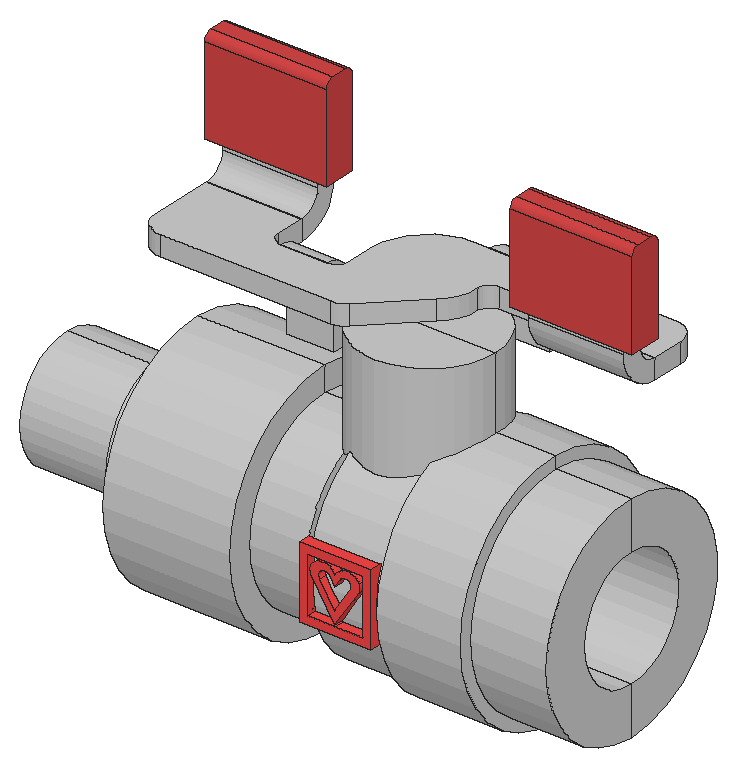
Revit family "HERZ Ball valve with T-handle (sheet steel) 2211", category Rohrzubehör, Revit 2019
Family settings
  Bemaßung runder Anschluss = Durchmesser verwenden
  Teiletyp = Unterbricht
  OmniClass-Nummer = 23.65.55.14
  OmniClass-Titel = Valves for Liquid Services
  Arbeitsebenenbasiert = Nein
  Immer vertikal = Ja
  Beim Laden mit Abzugskörper schneiden = Nein
  Gemeinsam genutzt = Nein
Parameters
  Weight [instance] = if(Nennweite = 15.000 mm, 0.23, if(Nennweite = 20.000 mm, 0.382, if(Nennweite = 25.000 mm, 0.669, if(Nennweite = 32.000 mm, 1.022, 0))))  # 0.23
  Spindle seals = "PTFE"  # constant formula
  Spindle = "machined brass according to EN 12164, CW614N"  # constant formula
  Part number [instance] = size_lookup("2211_3X_", "Artnr", 0, Nennweite)  # 1221131
  Min. operating temperature (water) = 0.5 °C  # constant formula
  Min. operating temperature = -30 °C  # constant formula
  Medium = "Heating water quality according to ÖNORM H5195 or VDI-Standard 2035.\r\nThe use of ethylene or propylene glycol in a mixing ratio 25- 50% is allowed."
  Max. operating temperature (water - no steam) = 110 °C  # constant formula
  Max. operating pressure (screw connection) = 1600000.0 Pa  # constant formula
  W01 = 135.00°  # constant formula
  VRL02 [instance] = size_lookup("2211_3X_", "VRL2", 1.000 mm, Nennweite)  # 16.500 mm
  VRL01 [instance] = size_lookup("2211_3X_", "VRL1", 1.000 mm, Nennweite)  # 16.000 mm
  VRD02 [instance] = size_lookup("2211_3X_", "VRD2", 1.000 mm, Nennweite)  # 15.000 mm
  VRD01 [instance] = size_lookup("2211_3X_", "VRD1", 1.000 mm, Nennweite)  # 10.500 mm
  URL = "www.herzvalves.com"
  SCRNSEQ = "ARM;ARM_TYP=\"ABVS\";2"
  SCRNCODE = "05;10;02"  # constant formula
  S04 [instance] = L07 + VRL01 + VRL02  # 45.600 mm
  S03 = 10.000 mm  # constant formula
  S02 [instance] = 2 * D01  # 19.050 mm
  S01 [instance] = L01 + L02 + L06  # 47.100 mm
  R01 [instance] = size_lookup("2211_3X_", "R1", 1.000 mm, Nennweite)  # 8.500 mm
  Nennweite [instance] = 15.000 mm
  Max. operating temperature = 150 °C  # constant formula
  Max. operating pressure = 2500000.0 Pa  # constant formula
  L07 [instance] = L01 - L03  # 13.100 mm
  L06 [instance] = size_lookup("2211_3X_", "L6", 1.000 mm, Nennweite)  # 9.600 mm
  L05 [instance] = size_lookup("2211_3X_", "L5", 1.000 mm, Nennweite)  # 19.900 mm
  L04 [instance] = size_lookup("2211_3X_", "L4", 1.000 mm, Nennweite)  # 10.500 mm
  L03 [instance] = size_lookup("2211_3X_", "L3", 1.000 mm, Nennweite)  # 8.400 mm
  L02 [instance] = size_lookup("2211_3X_", "L2", 1.000 mm, Nennweite)  # 16.000 mm
  L01 [instance] = size_lookup("2211_3X_", "L1", 1.000 mm, Nennweite)  # 21.500 mm
  Internal threaded connectors = "according to ISO 228-1"  # constant formula
  IG [instance] = Nennweite / 2  # 7.500 mm
  Hersteller = "HERZ Armaturen Ges.m.b.H"  # constant formula
  Handle = "T-handle, red, sheet steel - plated"  # constant formula
  H01 [instance] = size_lookup("2211_3X_", "H1", 1.000 mm, Nennweite)  # 24.000 mm
  GT1 [instance] = size_lookup("2211_3X_", "GT1", 1.000 mm, Nennweite)  # 10.000 mm
  GT [instance] = size_lookup("2211_3X_", "GT", 1.000 mm, Nennweite)  # 13.200 mm
  Seals (screw connection) DN32-DN50 = "KLINGER (flat sealing)"  # constant formula
  Seals (screw connection) DN15-DN25 = "EPDM (O-Ring)"  # constant formula
  Field of application = "HERZ ball valves have to be used as shut off elements.\r\nField of application are building services, such as heating or chilled water plants.\r\nBall valves are used wherever the medium flow has to be reliably closed.\r\nBall valve should not be used as regulating element so it has to be fully opened or fully closed (the handle should not be in intermediate position)."
  DN25-DN32 [instance] = if(Nennweite = 25.000 mm, 38.000 mm, 43.000 mm)  # 43.000 mm
  DN25+DN32 [instance] = or(Nennweite = 25.000 mm, Nennweite = 32.000 mm)  # no
  DN15-DN20 [instance] = if(Nennweite = 15.000 mm, 28.000 mm, 31.000 mm)  # 28.000 mm
  DN15+DN20 [instance] = or(Nennweite = 15.000 mm, Nennweite = 20.000 mm)  # yes
  D05 [instance] = size_lookup("2211_3X_", "D5", 1.000 mm, Nennweite)  # 13.500 mm
  D04 [instance] = size_lookup("2211_3X_", "D4", 1.000 mm, Nennweite)  # 14.000 mm
  D03 [instance] = size_lookup("2211_3X_", "D3", 1.000 mm, Nennweite)  # 15.000 mm
  D02 [instance] = size_lookup("2211_3X_", "D2", 1.000 mm, Nennweite)  # 12.000 mm
  D01 [instance] = size_lookup("2211_3X_", "D1", 1.000 mm, Nennweite)  # 9.525 mm
  Body = "forged brass according to EN 12165, nickel plated, CW617N"  # constant formula
  External threaded connectors = "according to ISO 7-1"  # constant formula
  Ball seals = "PTFE"  # constant formula
  Ball = "forged brass according to EN 12165, hollow, full bore, hard chrome plated, CW617N"  # constant formula
  Application = "HERZ ball valve MODUL is designed for building services such as heating and chilled water plants.\r\nThe operating conditions (temperature, pressure) should be constant."
  AG [instance] = Nennweite / 2  # 7.500 mm
Reference planes
  plane 1 "Mitte (Vorne/hinten)": y = 0
  plane 2: z = 0
  plane 3 "Mitte (Links/rechts)": x = 0
Forms (mm)
  Revolve 1, solid, material "Messing, vernickelt", detail levels fine
    sketch origin (0, 0, 0) x (1, 0, 0) y (0, 0, 1)
      loop
        line (16, 13.5) -> (16, 15) -> (5.5, 15) -> (5.5, 14) -> (-3.9, 14) -> (-5.9, 12) -> (-13.1, 12) -> (-13.1, 9.525) -> (-21.5, 9.525) -> (-21.5, 0) -> (15.6, 0) -> (15.6, 7.5) -> (25.6, 7.5) -> (25.6, 13.5) -> (16, 13.5)
      axis (-21.5, 0) -> (25.6, 0)
    angle from 0 to 360
  Revolve 2, solid, material "Messing, vernickelt", detail levels fine
    sketch origin (0, 0, 0) x (1, 0, 0) y (0, 0, 1)
      loop
        line (0, 0) -> (5.522, 0) -> (5.522, 8.202) -> (8.5, 8.202) -> (8.5, 24) -> (0, 24) -> (0, 0)
      axis (0, 24) -> (0, 0)
    angle from 0 to 360
  Revolve 3, solid, material "Messing, vernickelt", detail levels fine
    sketch origin (0, 0, 0) x (1, 0, 0) y (0, 0, 1)
      loop
        line (-13.1, 9.525) -> (-13.1, 15) -> (-29.1, 15) -> (-29.1, 10.5) -> (-32.4, 10.5) -> (-32.4, 7.5) -> (-45.6, 7.5) -> (-45.6, 0) -> (-21.5, 0) -> (-21.5, 9.525) -> (-13.1, 9.525)
      axis (-45.6, 0) -> (-13.1, 0)
    angle from 0 to 360
Lines and regions (mm)
  model lines, detail levels coarse+medium
    curve 1: line (-23.55, 9.525, 0) -> (-23.55, -9.525, 0)
    curve 2: line (-23.55, -9.525, 0) -> (23.55, 9.525, 0)
    curve 3: line (23.55, 9.525, 0) -> (23.55, -9.525, 0)
    curve 4: line (23.55, -9.525, 0) -> (-23.55, 9.525, 0)
    curve 5: circle (0, 0, 0) r 9.525 normal (0, 0, 1)
    curve 6: line (-23.55, 0, 9.525) -> (-23.55, 0, -9.525)
    curve 7: line (-23.55, 0, -9.525) -> (23.55, 0, 9.525)
    curve 8: line (23.55, 0, 9.525) -> (23.55, 0, -9.525)
    curve 9: line (23.55, 0, -9.525) -> (-23.55, 0, 9.525)
    curve 10: circle (0, 0, 0) r 9.525 normal (0, -1, 0)
    curve 11: line (-23.55, 0, 9.525) -> (-33.55, 0, 9.525)
    curve 12: line (-33.55, 0, 9.525) -> (-23.55, 0, 0)
    curve 13: line (-23.55, 0, -9.525) -> (-33.55, 0, -9.525)
    curve 14: line (-33.55, 0, -9.525) -> (-23.55, 0, 0)
    curve 15: line (-23.55, 0, 0) -> (-45.6, 0, 0)
    curve 16: line (-23.55, 9.525, 0) -> (-33.55, 9.525, 0)
    curve 17: line (-33.55, 9.525, 0) -> (-23.55, 0, 0)
    curve 18: line (-23.55, -9.525, 0) -> (-33.55, -9.525, 0)
    curve 19: line (-33.55, -9.525, 0) -> (-23.55, 0, 0)
    curve 20: line (-23.55, 0, 0) -> (-45.6, 0, 0)
Dimensions and locks
  "L01": Revolve 1 sketch curve to plane 3 "Mitte (Links/rechts)"
  "L02": Revolve 1 sketch curve to plane 3 "Mitte (Links/rechts)"
  "D01": Revolve 1 sketch curve to plane 2
  "D02": Revolve 1 sketch curve to plane 2
  "L03": Revolve 1 sketch curve to Revolve 1 sketch curve
  "R01": Revolve 2 sketch curve to plane 3 "Mitte (Links/rechts)"
  "H01": Revolve 2 sketch curve to plane 2
  "D03": Revolve 1 sketch curve to plane 2
  "D04": Revolve 1 sketch curve to plane 2
  "L04": Revolve 1 sketch curve to Revolve 1 sketch curve
  "L05": Revolve 1 sketch curve to Revolve 1 sketch curve
  "IG": Revolve 1 sketch curve to Revolve 1 sketch curve
  "GT1": Revolve 1 sketch curve to Revolve 1 sketch curve
  "L06": Revolve 1 sketch curve to Revolve 1 sketch curve
  "D05": Revolve 1 sketch curve to Revolve 1 sketch curve
  "D04": nested 1 to plane 1 "Mitte (Vorne/hinten)"
  equal spacing: curve 2, plane 1 "Mitte (Vorne/hinten)", curve 4
  equal spacing: curve 4, plane 1 "Mitte (Vorne/hinten)", curve 3
  "S02": curve 4 to curve 2
  "S02": curve 3 to curve 4
  equal spacing: curve 1, plane 3 "Mitte (Links/rechts)", curve 3
  "S01": curve 1 to curve 3
  "S02": curve 9 to curve 7
  equal spacing: curve 9, plane 2, curve 7
  equal spacing: curve 8, plane 2, curve 9
  "S02": curve 8 to curve 9
  "S01": curve 6 to curve 8
  equal spacing: curve 6, plane 3 "Mitte (Links/rechts)", curve 8
  "AG": Revolve 3 sketch curve to plane 2
  "D01": Revolve 3 sketch curve to Revolve 3 sketch curve
  "L03": Revolve 3 sketch curve to Revolve 3 sketch curve
  "L07": plane 3 "Mitte (Links/rechts)" to Revolve 3 sketch curve
  "VRL01": Revolve 3 sketch curve to Revolve 3 sketch curve
  "VRL02": Revolve 3 sketch curve to Revolve 3 sketch curve
  "GT": Revolve 3 sketch curve to Revolve 3 sketch curve
  "VRD01": Revolve 3 sketch curve to level
  "VRD02": Revolve 3 sketch curve to Revolve 3 sketch curve
  "S04": plane 3 "Mitte (Links/rechts)" to curve 15
  "S03": curve 12 to curve 6
  "S03": curve 17 to curve 1
  "S04": curve 20 to plane 3 "Mitte (Links/rechts)"
  "DN15-DN20": nested 2 to plane 2
  "DN25-DN32": nested 3 to plane 2
  "S02": diameter of curve 5
  "S02": diameter of curve 10
  "W01": angle Revolve 1 sketch curve to Revolve 1 sketch curve
  aligned and locked: level to plane 2
Automatic sketch dimensions
  curve 10 to level = 0.000 mm
  curve 10 to plane 3 "Mitte (Links/rechts)" = 0.000 mm
  curve 15 to level = 0.000 mm
  curve 12 to level = 0.000 mm
  curve 13 to curve 6 = 10.000 mm
  plane 1 "Mitte (Vorne/hinten)" to curve 5 = 0.000 mm
  curve 5 to plane 3 "Mitte (Links/rechts)" = 0.000 mm
  plane 1 "Mitte (Vorne/hinten)" to curve 20 = 0.000 mm
  plane 1 "Mitte (Vorne/hinten)" to curve 19 = 0.000 mm
  curve 18 to curve 1 = 10.000 mm
  Revolve 1 sketch curve to level = 0.000 mm  (x2)
  Revolve 1 sketch curve to Revolve 1 sketch curve = 1481.630 mm
  Revolve 1 sketch curve to Revolve 1 sketch curve = 1814.648 mm
  Revolve 2 sketch curve to level = 0.000 mm
  Revolve 2 sketch curve to plane 3 "Mitte (Links/rechts)" = 0.000 mm  (x2)
  plane 3 "Mitte (Links/rechts)" to Revolve 2 sketch curve = 5.522 mm
  level to Revolve 2 sketch curve = 8.202 mm
  Revolve 2 sketch curve to Revolve 2 sketch curve = 366.045 mm
  Revolve 2 sketch curve to Revolve 2 sketch curve = 2190.315 mm
  Revolve 3 sketch curve to level = 0.000 mm  (x2)
  Revolve 3 sketch curve to Revolve 3 sketch curve = 1461.804 mm
  plane 3 "Mitte (Links/rechts)" to Revolve 3 sketch curve = 1839.148 mm
Nested families
  nested 1: "Herz-Logo-vorne" at (0, -14, 0) x (0, 1, 0) z (0, 0, 1), type "Herz-Logo-vorne", detail levels fine
  nested 2: "Knebelgriff (Blech) DN15-DN20" at (0, 0, 28), visible <- "DN15+DN20", type "Knebelgriff (Blech) DN15-DN20"
  nested 3: "Knebelgriff (Blech) DN25-DN32" at (0, 0, 43), visible <- "DN25+DN32", type "Knebelgriff (Blech) DN25-DN32"
Connectors
  piping at (6.5, 0, 0), diameter 15, driven by "Nennweite"
    settings: on Revolve 1, index 1, connector inside diameter 609.6 mm, connector length 0.000 mm, flow factor 0, pipe flow 0.0 L/s, pressure drop 0.0 Pa, fitting loss kfactor 0, connector angle 0.00°, fixture units 0, engagement length 0.000 mm, angle of deflection 0.00°, flow configuration 0, flow direction 0, fitting loss method 0, system type 7, joint type 0, gender type 0, connector reference index -1, connector utility 0, adjustable connector no, is connector primary yes, connector description ""
  piping at (-45.6, 0, 0), diameter 15, driven by "Nennweite"
    settings: on Revolve 3, index 2, connector inside diameter 609.6 mm, connector length 0.000 mm, flow factor 0, pipe flow 0.0 L/s, pressure drop 0.0 Pa, fitting loss kfactor 0, connector angle 0.00°, fixture units 0, engagement length 0.000 mm, angle of deflection 0.00°, flow configuration 0, flow direction 0, fitting loss method 0, system type 7, joint type 0, gender type 0, connector reference index -1, connector utility 0, adjustable connector no, is connector primary no, connector description ""
Definition of nested family "Herz-Logo-vorne"
  Reference planes
    plane 1 "Mitte (Vorne/hinten)": y = 0
    plane 2: z = 0
    plane 3 "Mitte (Links/rechts)": x = 0
  Forms (mm)
    Extrusion 1, solid
      sketch origin (0.732, -0.018, 0.017) x (0, -1, 0) y (0, 0, 1)
        loop
          line (-0.018, -4.517) -> (4.482, -4.517) -> (4.482, 4.483) -> (-4.518, 4.483) -> (-4.518, -4.517) -> (-0.018, -4.517)
        loop
          line (-0.05, -3.48) -> (3.482, -3.48) -> (3.482, 3.483) -> (-3.518, 3.483) -> (-3.518, -3.48) -> (-0.05, -3.48)
        loop
          arc (-0.018, 2.383) -> (-1.543, 3.287) -> (-3.067, 2.383) r 1.738
          arc (-3.067, 2.383) -> (-3.191, 1.899) -> (-3.067, 1.415) r 1.009
          line (-3.067, 1.415) -> (-0.018, -3.281) -> (3.032, 1.415)
          arc (3.032, 1.415) -> (3.156, 1.899) -> (3.032, 2.383) r 1.009
          arc (3.032, 2.383) -> (1.507, 3.287) -> (-0.018, 2.383) r 1.738
        loop
          arc (1.885, 1.272) -> (2.005, 1.675) -> (1.885, 2.079) r 0.74
          arc (1.885, 2.079) -> (1.265, 2.416) -> (0.644, 2.079) r 0.74
          line (0.644, 2.079) -> (-0.018, 0.97) -> (-0.679, 2.079)
          arc (-0.679, 2.079) -> (-1.3, 2.416) -> (-1.921, 2.079) r 0.74
          arc (-1.921, 2.079) -> (-2.04, 1.675) -> (-1.921, 1.272) r 0.74
          line (-1.921, 1.272) -> (-0.018, -1.658) -> (1.885, 1.272)
      from 0 to 1.5
  Dimensions and locks
    aligned and locked: level to plane 2
Definition of nested family "Knebelgriff (Blech) DN15-DN20"
  Reference planes
    plane 1 "Mitte (Vorne/hinten)": y = 0
    plane 2: z = 0
    plane 3 "Mitte (Links/rechts)": x = 0
  Forms (mm)
    Extrusion 1, solid, detail levels fine
      sketch origin (0, 0, 0) x (1, 0, 0) y (0, 1, 0)
        loop
          line (-7, 0) -> (-7, -3.8)
          arc (-7, -3.8) -> (-7.439, -4.861) -> (-8.5, -5.3) r 1.5
          line (-8.5, -5.3) -> (-14.5, -5.3)
          arc (-14.5, -5.3) -> (-15.561, -4.861) -> (-16, -3.8) r 1.5
          line (-16, -3.8) -> (-16, 0) -> (-28, 0) -> (-28, -8.1)
          arc (-28, -8.1) -> (-27.121, -10.221) -> (-25, -11.1) r 3
          line (-25, -11.1) -> (-3.453, -11.1)
          arc (-3.453, -11.1) -> (-2.496, -10.91) -> (-1.685, -10.368) r 2.5
          line (-1.685, -10.368) -> (4.443, -4.24)
          arc (4.443, -4.24) -> (5.743, -2.295) -> (6.2, 0) r 6
          arc (6.2, 0) -> (6.64, 1.06) -> (7.7, 1.499) r 1.5
          line (7.7, 1.499) -> (15.1, 1.499)
          arc (15.1, 1.499) -> (16.16, 1.06) -> (16.6, 0) r 1.5
          line (16.6, 0) -> (28.6, 0) -> (28.6, 4)
          arc (28.6, 4) -> (27.721, 6.121) -> (25.6, 7) r 3
          line (25.6, 7) -> (0, 7)
          arc (0, 7) -> (-4.95, 4.95) -> (-7, 0) r 7
      from 0 to 2.5
    Extrusion 2, solid, detail levels fine
      sketch origin (0, 0, 0) x (0, 1, 0) y (0, 0, 1)
        loop
          arc (2.5, 5) -> (1.768, 3.232) -> (0, 2.5) r 2.5
          line (0, 2.5) -> (0, 0)
          arc (0, 0) -> (3.536, 1.464) -> (5, 5) r 5
          line (5, 5) -> (5, 6) -> (2.5, 6) -> (2.5, 5)
      from -28 to -16
    Extrusion 3, solid, detail levels fine
      sketch origin (0, 5.3, 0) x (0, 1, 0) y (0, 0, 1)
        loop
          line (-7.8, 5) -> (-7.8, 6) -> (-10.3, 6) -> (-10.3, 5)
          arc (-10.3, 5) -> (-8.836, 1.464) -> (-5.3, 0) r 5
          line (-5.3, 0) -> (-5.3, 2.5)
          arc (-5.3, 2.5) -> (-7.068, 3.232) -> (-7.8, 5) r 2.5
      from 16.6 to 28.6
    Extrusion 4, solid, detail levels fine
      sketch origin (0, 0, 0) x (0, 1, 0) y (0, 0, 1)
        loop
          line (5.75, 6) -> (5.75, 17.041)
          arc (5.75, 17.041) -> (5.469, 17.719) -> (4.791, 18) r 0.959
          line (4.791, 18) -> (2.773, 18)
          arc (2.773, 18) -> (2.05, 17.7) -> (1.75, 16.977) r 1.023
          line (1.75, 16.977) -> (1.75, 6) -> (5.75, 6)
      from -29.7 to -14.3
    Extrusion 5, solid, detail levels fine
      sketch origin (0, 0, 0) x (0, 1, 0) y (0, 0, 1)
        loop
          line (-5.75, 6) -> (-1.75, 6) -> (-1.75, 17)
          arc (-1.75, 17) -> (-2.043, 17.707) -> (-2.75, 18) r 1
          line (-2.75, 18) -> (-4.75, 18)
          arc (-4.75, 18) -> (-5.457, 17.707) -> (-5.75, 17) r 1
          line (-5.75, 17) -> (-5.75, 6)
      from 30.3 to 14.9
    Extrusion 6, solid, detail levels fine
      sketch origin (0, 0, 0) x (0, 1, 0) y (0, 0, 1)
        loop
          line (9, -2) -> (9, -8) -> (11.5, -8) -> (11.5, -2)
          arc (11.5, -2) -> (10.182, 1.182) -> (7, 2.5) r 4.5
          line (7, 2.5) -> (7, 0)
          arc (7, 0) -> (8.414, -0.586) -> (9, -2) r 2
      from 8.1 to 2.1
    Extrusion 7, solid, detail levels fine
      sketch origin (0, 0, 0) x (0, 1, 0) y (0, 0, 1)
        loop
          line (-4.3, -1) -> (-4.3, -8) -> (-1.8, -8) -> (-1.8, -1)
          arc (-1.8, -1) -> (-2.825, 1.475) -> (-5.3, 2.5) r 3.5
          line (-5.3, 2.5) -> (-5.3, 0)
          arc (-5.3, 0) -> (-4.593, -0.293) -> (-4.3, -1) r 1
      from -14.5 to -8.5
  Dimensions and locks
    aligned and locked: level to plane 2
Definition of nested family "Knebelgriff (Blech) DN25-DN32"
  Reference planes
    plane 1 "Mitte (Vorne/hinten)": y = 0
    plane 2: z = 0
    plane 3 "Mitte (Links/rechts)": x = 0
  Forms (mm)
    Extrusion 1, solid, detail levels fine
      sketch origin (0, 0, 0) x (1, 0, 0) y (0, 1, 0)
        loop
          arc (0, 9) -> (-6.364, 6.364) -> (-9, 0) r 9
          line (-9, 0) -> (-9, -4.1)
          arc (-9, -4.1) -> (-9.439, -5.161) -> (-10.5, -5.6) r 1.5
          line (-10.5, -5.6) -> (-20, -5.6)
          arc (-20, -5.6) -> (-21.061, -5.161) -> (-21.5, -4.1) r 1.5
          line (-21.5, -4.1) -> (-21.5, 0) -> (-39.1, 0) -> (-39.1, -10.6)
          arc (-39.1, -10.6) -> (-38.221, -12.721) -> (-36.1, -13.6) r 3
          line (-36.1, -13.6) -> (-10.5, -13.6)
          arc (-10.5, -13.6) -> (-8.037, -13.275) -> (-5.742, -12.323) r 9.5
          line (-5.742, -12.323) -> (0, -9)
          arc (0, -9) -> (2.463, -8.675) -> (4.758, -7.723) r 9.5
          line (4.758, -7.723) -> (16.029, -0.25)
          arc (16.029, -0.25) -> (16.522, 0.291) -> (16.7, 1) r 1.5
          arc (16.7, 1) -> (17.139, 2.061) -> (18.2, 2.5) r 1.5
          line (18.2, 2.5) -> (20.9, 2.5)
          arc (20.9, 2.5) -> (21.961, 2.061) -> (22.4, 1) r 1.5
          line (22.4, 1) -> (22.4, 0) -> (40, 0) -> (40, 7.5)
          arc (40, 7.5) -> (39.121, 9.621) -> (37, 10.5) r 3
          line (37, 10.5) -> (2.1, 10.5) -> (2.1, 9) -> (0, 9)
      from 0 to 3
    Extrusion 2, solid, detail levels fine
      sketch origin (0, 0, 0) x (0, 1, 0) y (0, 0, 1)
        loop
          arc (3, 6) -> (2.121, 3.879) -> (0, 3) r 3
          line (0, 3) -> (0, 0)
          arc (0, 0) -> (4.243, 1.757) -> (6, 6) r 6
          line (6, 6) -> (3, 6)
      from -39.1 to -21.5
    Extrusion 3, solid, detail levels fine
      sketch origin (0, 0, 0) x (0, 1, 0) y (0, 0, 1)
        loop
          arc (0, 3) -> (-2.121, 3.879) -> (-3, 6) r 3
          line (-3, 6) -> (-6, 6)
          arc (-6, 6) -> (-4.243, 1.757) -> (0, 0) r 6
          line (0, 0) -> (0, 3)
      from 22.4 to 40
    Extrusion 4, solid, detail levels fine
      sketch origin (0, 0, 0) x (0, 1, 0) y (0, 0, 1)
        loop
          line (7.5, 6) -> (7.5, 24.5)
          arc (7.5, 24.5) -> (7.061, 25.561) -> (6, 26) r 1.5
          line (6, 26) -> (3, 26)
          arc (3, 26) -> (1.939, 25.561) -> (1.5, 24.5) r 1.5
          line (1.5, 24.5) -> (1.5, 6) -> (7.5, 6)
      from -42.05 to -18.55
    Extrusion 5, solid, detail levels fine
      sketch origin (0, 0, 0) x (0, 1, 0) y (0, 0, 1)
        loop
          line (-7.5, 6) -> (-1.5, 6) -> (-1.5, 24.5)
          arc (-1.5, 24.5) -> (-1.939, 25.561) -> (-3, 26) r 1.5
          line (-3, 26) -> (-6, 26)
          arc (-6, 26) -> (-7.061, 25.561) -> (-7.5, 24.5) r 1.5
          line (-7.5, 24.5) -> (-7.5, 6)
      from 19.45 to 42.95
    Extrusion 6, solid, detail levels fine
      sketch origin (0, 0, 0) x (0, 1, 0) y (0, 0, 1)
        loop
          arc (14, -0.5) -> (12.975, 1.975) -> (10.5, 3) r 3.5
          line (10.5, 3) -> (10.5, 0)
          arc (10.5, 0) -> (10.854, -0.146) -> (11, -0.5) r 0.5
          line (11, -0.5) -> (11, -9) -> (14, -9) -> (14, -0.5)
      from 2.1 to 8.1
    Extrusion 7, solid, detail levels fine
      sketch origin (0, -16.1, 0) x (0, 1, 0) y (0, 0, 1)
        loop
          arc (14, -0.5) -> (12.975, 1.975) -> (10.5, 3) r 3.5
          line (10.5, 3) -> (10.5, 0)
          arc (10.5, 0) -> (10.854, -0.146) -> (11, -0.5) r 0.5
          line (11, -0.5) -> (11, -9) -> (14, -9) -> (14, -0.5)
      from -12 to -18
  Dimensions and locks
    aligned and locked: level to plane 2
